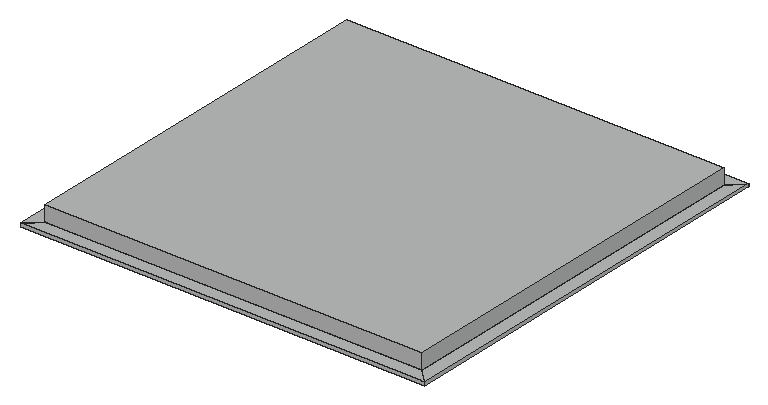
Revit family "AVRORA", category Осветительные приборы, Revit 2019 (continued)
Types (10, lengths in mm): name | built-in parameter 1150134 | Файл фотометрической сетки | built-in parameter 1150142 | built-in parameter 1150107 | Emit from Rectangle Width | Emit from Rectangle Length | Длина | Ширина | ADSK_Обозначение | ADSK_Наименование | ADSK_Код изделия
    .300 1284.300 1269.200 1251.600 1233.300 1212.300 1189.800 1165.600 1139.300 1111.500 1083.400 1053.300 1021.200 988.600 \r\n954.800 919.700 884.300 847.200 809.800 771.400 732.500 693.200 653.100 612.300 571.800 530.600 489.300 448.400 406.900 366.200 325.700 285.900 247.100 209.600 170.700 135.700 \r\n101.100 69.300 37.900 15.700 0.800 \r\n1326.000 1325.200 1321.300 1314.800 1306.400 1296.400 1283.200 1269.300 1251.800 1233.400 1212.300 1190.100 1165.600 1140.000 1112.100 1083.400 1053.700 1021.200 988.900 \r\n954.900 919.700 883.600 847.300 809.800 771.900 732.600 692.900 653.100 612.500 571.900 530.600 489.700 448.400 406.700 366.100 325.600 285.600 247.000 209.400 170.700 136.200 \r\n100.900 70.500 38.400 16.400 0.700 \r\n1325.700 1324.000 1321.200 1314.700 1306.500 1296.600 1283.900 1269.200 1251.700 1233.300 1212.300 1190.700 1165.600 1139.800 1112.800 1083.400 1053.200 1021.600 988.400 \r\n955.000 919.800 884.000 847.400 809.900 771.800 732.700 693.300 653.100 612.700 572.000 530.600 489.500 448.300 406.900 366.000 325.600 285.600 246.900 209.200 170.600 136.300 \r\n100.700 71.000 39.300 17.100 0.700 \r\n1325.900 1324.800 1321.200 1314.800 1306.900 1296.400 1284.100 1269.300 1252.200 1233.200 1212.300 1190.100 1165.700 1139.900 1112.000 1083.400 1052.600 1021.500 988.600 \r\n955.100 919.900 883.600 847.500 809.900 771.500 732.900 693.300 653.200 613.000 572.000 530.600 489.200 448.200 406.600 365.800 325.400 285.700 246.700 209.100 170.400 136.200 \r\n101.000 71.600 39.700 17.700 0.700 \r\n1326.000 1324.900 1321.200 1314.800 1306.800 1296.300 1284.300 1269.100 1252.700 1233.600 1212.600 1189.600 1165.600 1140.200 1112.700 1083.800 1053.600 1021.600 988.900 \r\n955.000 919.900 884.400 847.400 810.000 771.800 733.000 693.400 653.200 612.700 572.000 530.600 489.200 447.900 406.600 365.800 325.200 285.100 246.600 208.800 170.300 136.100 \r\n100.600 72.100 40.700 18.300 0.700 \r\n1326.100 1325.100 1321.200 1315.100 1307.200 1296.400 1283.900 1269.000 1252.600 1234.000 1212.600 1190.100 1165.700 1140.300 1113.400 1083.900 1053.900 1021.400 988.800 \r\n954.900 920.100 884.700 847.500 810.100 771.900 733.100 693.400 653.200 613.100 571.800 530.600 488.800 448.000 406.400 365.600 325.100 285.000 246.400 208.700 170.100 135.900 \r\n100.500 72.700 41.100 18.800 0.700 \r\n1326.100 1324.400 1321.100 1315.100 1307.000 1296.300 1284.200 1269.100 1252.800 1233.800 1212.700 1190.900 1166.400 1140.400 1113.400 1084.100 1053.100 1021.800 989.500 \r\n955.300 920.200 884.200 847.700 810.100 771.800 733.200 693.700 653.400 612.700 571.900 530.600 489.200 447.900 406.300 365.600 325.100 285.100 246.300 208.700 170.000 135.800 \r\n100.100 73.100 42.000 19.500 0.700 \r\n1325.900 1324.300 1321.200 1314.900 1307.500 1296.500 1285.100 1269.300 1252.700 1234.100 1213.000 1191.100 1166.600 1140.800 1113.800 1084.200 1053.800 1022.100 989.500 \r\n955.500 920.400 883.900 847.700 810.400 771.900 733.300 693.700 653.400 613.000 572.000 530.500 489.200 447.900 406.500 365.500 324.900 284.900 246.100 208.500 169.800 135.600 \r\n99.700 73.100 42.400 20.000 0.600 \r\n1325.900 1324.600 1321.600 1315.200 1306.700 1296.400 1283.600 1269.100 1252.700 1233.500 1213.000 1191.700 1166.400 1140.700 1112.600 1084.400 1054.100 1022.400 989.700 \r\n955.700 920.500 884.600 847.800 810.600 772.000 733.200 693.500 653.400 612.800 572.100 530.600 489.200 447.900 406.400 365.500 324.800 285.000 246.100 208.400 169.700 135.500 \r\n99.300 73.100 42.900 20.400 0.600 \r\n1325.900 1324.300 1321.100 1315.400 1307.600 1296.500 1284.400 1269.300 1252.500 1234.200 1213.200 1191.100 1166.600 1140.500 1113.100 1084.500 1054.300 1022.500 989.800 \r\n956.000 920.700 884.800 848.100 810.600 772.100 733.500 693.800 653.400 612.900 572.200 530.700 489.400 448.000 406.400 365.500 324.800 284.900 245.900 208.300 169.600 135.300 99.000 \r\n73.000 42.900 20.700 0.600 \r\n1326.000 1324.300 1321.200 1315.300 1307.200 1296.600 1283.800 1269.300 1252.900 1234.100 1213.500 1191.100 1166.900 1140.600 1113.300 1084.500 1054.200 1022.600 990.200 \r\n956.000 920.800 885.200 848.100 810.700 772.500 733.500 693.500 653.500 613.300 572.300 530.700 489.400 447.900 406.200 365.500 324.800 284.800 245.800 208.100 169.400 135.200 98.700 \r\n72.900 42.900 20.600 0.600 \r\n1326.300 1325.000 1321.200 1315.600 1306.000 1296.800 1283.900 1269.600 1253.000 1234.900 1213.600 1191.500 1167.200 1140.700 1113.500 1084.500 1055.100 1022.700 990.000 \r\n956.000 920.900 885.100 848.300 810.900 772.700 733.700 694.200 653.700 613.200 572.400 530.800 489.100 448.000 406.400 365.500 324.800 284.800 245.800 208.100 169.300 135.100 98.500 \r\n72.800 42.700 20.600 0.600 \r\n1326.000 1325.200 1321.600 1315.400 1307.200 1296.900 1284.100 1269.800 1252.700 1234.200 1213.600 1191.000 1167.400 1141.000 1113.700 1084.900 1054.500 1023.000 990.000 \r\n956.200 921.000 884.700 848.400 810.900 772.900 733.800 694.100 653.800 613.500 572.500 530.900 489.600 448.000 406.300 365.500 324.800 284.800 245.800 208.000 169.300 135.000 98.500 \r\n72.700 42.700 20.500 0.600 \r\n1326.000 1325.100 1321.600 1315.600 1307.200 1297.200 1284.300 1269.600 1252.800 1234.500 1213.900 1191.200 1167.100 1141.200 1114.500 1084.900 1054.200 1023.100 990.300 \r\n956.700 921.200 885.600 848.600 811.000 772.900 734.000 694.300 653.900 613.400 572.600 531.100 489.900 448.100 406.400 365.600 324.900 284.800 245.800 208.200 169.200 135.000 98.600 \r\n72.700 42.600 20.500 0.500 \r\n1326.100 1324.700 1321.700 1315.500 1307.400 1297.200 1284.700 1269.900 1253.100 1235.400 1214.100 1191.800 1167.400 1141.400 1114.600 1085.300 1054.800 1023.400 990.600 \r\n956.600 921.700 885.700 848.800 811.500 773.000 734.200 694.300 654.000 613.600 572.500 531.200 489.900 448.200 406.700 365.600 324.900 284.900 245.900 208.100 169.200 135.000 98.600 \r\n72.700 42.500 20.400 0.600 \r\n1326.200 1325.300 1321.500 1315.700 1307.000 1297.300 1283.500 1270.100 1252.800 1234.700 1213.600 1192.600 1167.200 1141.600 1114.200 1085.300 1055.400 1023.600 991.000 \r\n956.500 921.700 885.500 848.800 811.500 773.200 734.300 694.000 654.200 613.400 572.800 531.200 489.900 448.300 406.800 365.700 325.000 284.900 246.000 208.200 169.300 135.100 98.800 \r\n72.600 42.500 20.400 0.600 \r\n1326.000 1324.700 1321.500 1315.700 1306.700 1297.000 1284.700 1270.100 1253.600 1234.900 1214.100 1191.900 1167.400 1141.500 1114.100 1085.800 1055.000 1023.500 990.600 \r\n956.700 921.700 885.800 848.900 811.600 773.400 734.600 695.100 654.400 613.700 572.900 531.400 489.700 448.400 407.000 365.700 325.000 285.000 246.000 208.300 169.400 135.100 98.900 \r\n72.600 42.300 20.100 0.600 \r\n1326.100 1325.100 1321.500 1315.800 1307.000 1297.100 1284.400 1270.100 1253.900 1234.600 1214.400 1191.700 1167.300 1141.800 1114.700 1085.800 1055.400 1023.700 991.200 \r\n957.100 921.900 886.100 849.100 811.900 773.500 734.500 694.700 654.500 613.900 572.600 531.400 489.800 448.600 407.000 365.800 325.100 285.100 246.100 208.300 169.500 135.200 \r\n99.200 72.500 41.900 19.700 0.600 \r\n1326.000 1323.900 1321.300 1315.900 1307.500 1297.200 1284.500 1270.300 1254.100 1234.700 1214.400 1191.900 1167.600 1142.000 1114.600 1086.100 1055.200 1023.900 991.200 \r\n957.300 922.200 886.100 849.300 811.800 773.900 734.500 694.900 654.800 613.900 573.000 531.600 490.100 448.600 407.000 366.000 325.300 285.500 246.200 208.300 169.600 135.400 \r\n99.600 72.300 41.300 19.100 0.700 \r\n1326.000 1324.400 1321.400 1315.900 1307.800 1297.600 1285.600 1270.500 1254.200 1235.300 1214.400 1191.300 1167.900 1142.200 1115.000 1085.800 1056.000 1024.000 991.200 \r\n957.500 922.200 886.400 849.500 811.900 773.700 734.800 694.900 655.000 614.100 573.100 531.900 490.500 448.900 407.100 366.100 325.400 285.400 246.300 208.600 169.700 135.400 \r\n99.900 72.000 40.600 18.500 0.700 \r\n1325.600 1325.200 1322.000 1315.900 1307.400 1297.900 1285.200 1270.600 1254.100 1235.700 1214.600 1191.900 1168.000 1142.200 1115.200 1086.400 1055.900 1024.300 991.800 \r\n957.600 922.400 886.400 849.600 812.000 773.800 734.900 695.100 655.100 614.100 573.300 532.000 490.800 449.000 407.100 366.300 325.500 285.400 246.400 208.800 169.700 135.500 \r\n100.200 71.300 39.800 17.900 0.700 \r\n1326.100 1324.800 1321.900 1316.200 1307.900 1298.000 1285.300 1270.600 1254.500 1236.500 1214.600 1192.500 1168.200 1142.300 1115.300 1086.200 1055.900 1024.700 991.600 \r\n958.100 922.700 886.500 849.900 812.400 774.000 735.100 695.600 655.100 614.400 573.500 532.100 490.900 449.100 407.400 366.500 325.700 285.600 246.600 208.800 169.900 135.600 \r\n100.400 70.800 39.000 17.100 0.700 \r\n1326.100 1325.000 1321.600 1316.100 1308.200 1297.700 1285.100 1270.800 1253.900 1235.800 1214.900 1192.800 1168.700 1142.400 1115.600 1086.400 1056.000 1024.700 991.800 \r\n958.000 922.800 886.500 850.000 812.500 774.200 735.300 695.500 655.300 614.800 573.400 532.300 490.700 449.400 407.600 366.700 325.900 286.100 246.800 208.900 170.000 135.600 \r\n100.100 69.800 38.300 16.300 0.700 \r\n1326.200 1324.900 1321.500 1316.200 1307.600 1297.700 1286.400 1270.900 1253.800 1235.500 1215.300 1193.100 1168.700 1142.800 1115.700 1086.800 1056.300 1024.800 992.400 \r\n958.400 923.000 887.300 850.400 812.800 774.300 735.500 696.000 655.400 614.700 573.800 532.400 490.800 449.500 407.900 366.800 326.000 285.800 246.900 209.100 170.000 135.600 \r\n100.100 69.300 37.600 15.600 0.800 \r\n1326.100 1324.700 1321.600 1316.400 1308.600 1298.000 1285.100 1271.000 1253.700 1236.600 1215.300 1192.500 1168.600 1143.200 1116.000 1087.200 1057.000 1025.200 992.100 \r\n958.700 923.400 886.800 850.500 813.100 774.700 735.600 696.000 655.600 615.100 574.100 532.600 491.100 449.600 408.100 367.000 326.300 286.100 247.000 208.900 170.100 135.100 \r\n100.500 68.500 36.500 14.800 0.800 \r\n1326.500 1324.200 1321.700 1316.200 1307.900 1298.100 1286.500 1271.300 1254.300 1236.200 1215.400 1193.100 1168.900 1143.200 1116.200 1087.200 1056.500 1025.400 992.600 \r\n959.400 923.400 886.900 850.600 813.300 774.900 735.800 696.000 655.900 615.200 574.000 532.800 491.400 449.800 408.100 367.100 326.400 286.300 247.200 209.100 170.000 134.500 \r\n99.700 67.100 36.200 14.000 0.800 \r\n1326.300 1325.000 1321.600 1316.100 1308.500 1298.100 1285.600 1271.300 1254.500 1236.000 1215.500 1193.500 1169.000 1143.200 1116.300 1086.800 1057.100 1025.300 993.000 \r\n958.800 923.700 887.700 850.900 813.500 775.100 735.900 696.400 655.900 615.200 574.000 533.000 491.500 450.000 408.500 367.300 326.600 286.400 247.300 209.100 169.500 134.400 \r\n99.700 66.600 35.100 13.100 0.800 \r\n1326.100 1325.800 1321.900 1316.300 1308.100 1298.000 1285.900 1271.500 1254.800 1236.700 1215.900 1194.300 1169.300 1143.700 1116.500 1087.300 1057.000 1025.700 993.100 \r\n959.300 923.900 887.600 851.000 813.900 775.100 736.100 696.600 656.200 615.400 574.600 533.100 491.900 450.400 408.800 367.500 326.900 286.600 247.400 208.800 168.900 134.100 \r\n99.900 65.200 35.200 12.400 0.900 \r\n1326.300 1325.500 1321.700 1316.100 1307.800 1298.100 1285.000 1271.400 1254.400 1236.700 1216.100 1192.900 1169.300 1143.800 1116.800 1087.400 1057.900 1025.900 993.200 \r\n959.200 924.100 887.700 851.300 814.000 775.200 736.300 696.600 656.500 615.500 574.800 533.400 492.100 450.500 408.900 367.700 326.900 286.800 247.400 208.700 168.600 133.400 \r\n99.600 64.500 36.300 11.600 0.900 \r\n1326.100 1325.000 1322.100 1316.200 1308.500 1298.100 1285.100 1271.600 1255.100 1237.400 1216.000 1193.100 1169.400 1144.000 1117.100 1088.100 1058.300 1026.200 993.400 \r\n959.600 924.300 888.200 851.500 813.900 775.300 736.600 696.900 656.600 616.000 575.000 533.700 492.100 450.800 409.000 367.900 327.100 287.000 247.400 208.300 168.400 132.300 97.900 \r\n62.900 37.700 10.800 0.900 \r\n1326.500 1325.200 1322.000 1316.200 1308.700 1298.500 1286.100 1271.500 1255.400 1236.800 1216.300 1194.200 1169.800 1143.900 1117.000 1088.300 1057.900 1026.300 993.600 \r\n960.200 924.600 888.500 851.600 814.100 775.900 736.800 697.100 656.800 616.100 575.300 533.900 492.400 451.100 409.300 368.100 327.300 287.000 247.300 207.400 168.100 132.200 97.600 \r\n62.800 37.600 10.000 0.900 \r\n1326.000 1325.000 1321.900 1316.500 1308.500 1298.700 1286.400 1271.900 1255.600 1236.800 1216.400 1194.500 1170.400 1144.300 1117.200 1088.800 1058.000 1026.600 993.600 \r\n960.000 924.800 888.600 852.000 814.400 776.200 737.000 697.900 656.900 616.400 575.500 534.200 492.800 451.200 409.600 368.200 327.400 287.000 246.900 206.700 167.200 132.100 97.700 \r\n62.100 37.600 9.400 0.900 \r\n1326.200 1324.400 1322.000 1316.600 1308.800 1298.900 1285.900 1271.700 1255.200 1236.500 1216.800 1194.400 1170.400 1144.700 1117.500 1088.800 1058.100 1026.900 994.300 \r\n959.900 925.000 888.600 852.200 814.300 776.300 737.300 697.500 657.000 617.000 575.700 534.500 492.600 451.400 409.800 368.400 327.400 286.800 246.200 206.400 166.200 131.900 97.500 \r\n62.000 37.200 9.000 1.000 \r\n1326.500 1325.000 1322.300 1316.800 1308.900 1298.700 1287.200 1272.000 1255.800 1236.500 1216.800 1194.200 1170.300 1144.700 1117.700 1089.000 1058.700 1027.300 994.300 \r\n960.400 925.200 889.200 852.500 814.900 776.600 737.500 697.700 657.600 617.100 576.100 534.800 493.200 451.600 410.100 368.700 327.600 286.700 245.400 206.800 165.900 131.200 97.100 \r\n61.800 36.200 9.100 1.000 \r\n1326.400 1325.700 1322.400 1316.700 1308.900 1298.500 1285.800 1272.300 1256.000 1237.200 1216.800 1195.400 1170.800 1144.900 1117.900 1089.300 1058.600 1027.300 994.600 \r\n959.800 925.500 889.100 852.700 814.900 776.900 737.700 698.500 657.900 617.500 576.400 535.000 493.200 451.900 410.300 368.800 327.600 286.100 245.100 206.600 165.400 129.400 95.500 \r\n62.400 35.500 8.800 1.000 \r\n1326.500 1325.000 1322.100 1316.700 1308.700 1298.900 1286.700 1272.100 1255.900 1238.000 1217.400 1195.100 1170.700 1145.000 1118.200 1089.400 1058.900 1027.400 994.800 \r\n960.000 925.700 890.100 853.000 815.300 777.200 737.900 698.500 658.000 617.400 576.300 535.100 493.900 452.100 410.400 369.000 327.500 285.500 244.900 206.000 164.600 129.300 95.000 \r\n63.400 34.600 8.300 1.000 \r\n1326.300 1325.000 1321.700 1316.500 1308.800 1298.900 1286.600 1272.600 1256.400 1236.700 1217.400 1195.300 1170.900 1145.100 1118.300 1089.100 1059.000 1027.900 995.100 \r\n961.000 926.000 890.100 853.200 815.700 777.300 738.500 698.900 658.400 617.800 577.000 535.300 493.600 452.400 410.800 369.100 327.400 284.900 244.900 204.700 165.300 129.100 95.200 \r\n62.600 33.700 8.300 1.100 \r\n1326.400 1324.900 1322.100 1316.500 1309.100 1299.000 1287.100 1272.400 1256.000 1237.000 1217.400 1195.000 1171.100 1145.400 1118.200 1089.600 1058.600 1027.900 995.100 \r\n960.800 926.200 890.200 853.400 815.800 777.500 738.700 699.200 658.800 618.000 577.100 535.600 494.000 452.500 411.000 369.200 327.200 284.900 244.700 203.800 165.000 128.200 95.100 \r\n62.400 32.600 8.000 1.100 \r\n1325.900 1324.900 1321.900 1316.700 1309.200 1298.900 1286.900 1272.400 1256.200 1238.100 1217.500 1195.400 1171.100 1145.700 1118.600 1089.900 1059.200 1028.200 995.600 \r\n961.200 926.500 890.000 853.600 816.200 777.800 738.900 699.400 658.800 618.300 577.300 535.800 493.900 452.800 411.100 369.300 326.900 284.800 244.200 203.400 163.700 127.800 94.800 \r\n62.400 31.700 7.500 1.100 \r\n1325.800 1325.400 1322.000 1316.800 1309.400 1298.800 1286.900 1272.700 1256.500 1238.400 1217.800 1195.500 1171.600 1146.100 1118.800 1090.000 1059.700 1028.200 995.900 \r\n961.500 926.700 890.200 853.900 816.400 778.000 739.200 699.300 659.100 618.200 577.700 536.100 494.500 453.000 411.100 369.300 326.300 284.600 243.800 203.300 163.200 128.400 93.800 \r\n62.200 30.800 6.900 1.100 \r\n1326.100 1325.400 1322.500 1316.700 1309.100 1298.900 1286.900 1272.600 1257.100 1238.300 1217.600 1195.800 1171.600 1146.200 1119.200 1090.000 1060.800 1028.500 995.600 \r\n962.100 926.800 890.500 854.200 816.600 778.200 739.500 699.500 659.300 619.000 577.800 536.300 494.900 453.200 411.300 369.100 325.900 284.700 243.100 203.400 162.200 127.100 92.900 \r\n61.800 30.300 6.500 1.100 \r\n1326.200 1325.300 1322.600 1316.900 1309.100 1299.200 1286.500 1272.700 1256.900 1238.100 1217.900 1195.700 1171.500 1146.300 1119.100 1090.100 1060.100 1028.700 996.500 \r\n962.600 927.100 890.800 854.500 817.200 778.500 7
